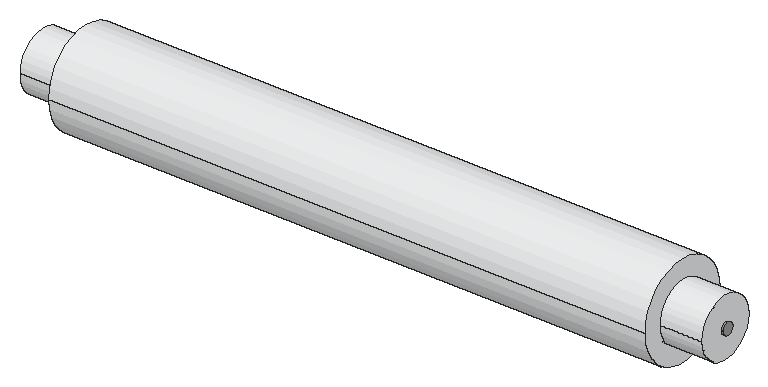
Revit family
Parameters (values of type "K101-164-12")
  URL = "http://viewer.zmags.com/publication/f01ae52f"
  Tube Radius = Tube Diameter / 2  # 50.8 mm
  Tube Diameter = 101.6 mm
  Tube = RAL 9016
  Thermal Performance = Thermal Performance Constant * Length / 1000 mm  # 216
  Offset = 75 mm
  Model = "K101-164-12"
  Max #1 Pole Breakers [instance] = 271
  Manufacturer = "Meinertz"
  Length = 1200 mm
  Keynote = "K101-164-12"
  Height = 150 mm
  GoGetNo = 6959  # constant formula
  Fins = yes
  Fin Radius = Fin Diameter / 2  # 82 mm
  Fin Pitch = RAL 9016 F
  Fin Offset = 0.6 mm
  Fin Diameter = 164 mm
  Thermal Performance Constant = if(Fin Diameter = 73 mm, 88, if(Fin Diameter = 83 mm, 104, if(Fin Diameter = 92 mm, 88, if(Fin Diameter = 98 mm, 82, if(Fin Diameter = 123 mm, 110, if(Fin Diameter = 139 mm, 133, 180))))))  # 180
Types (9, lengths in mm): name | Tube Radius | Tube Diameter | Thermal Performance | Model | Keynote | Fin Radius | Fin Offset | Fin Diameter | Thermal Performance Constant
  (no name) | 50.8 | 101.6 | 216 | "K101-164-12" | "K101-164-12" | 82 | 0.6 | 164 | 180
  K33-73-08 | 16.85 | 33.7 | 105.6 | "K33-73-08" | "K33-73-08" | 36.5 | 0.3 | 73 | 88
  K33-83-10 | 16.85 | 33.7 | 124.8 | "K33-83-10" | "K33-83-10" | 41.5 | 0.3 | 83 | 104
  K42-92-10 | 21.2 | 42.4 | 105.6 | "K42-92-10" | "K42-92-10" | 46 | 0.4 | 92 | 88
  K48-98-10 | 24.15 | 48.3 | 98.4 | "K48-98-10" | "K48-98-10" | 49 | 0.4 | 98 | 82
  K60-110-10 | 30.15 | 60.3 | 216 | "K60-110-10" | "K60-110-10" | 55 | 0.5 | 110 | 180
  K60-123-12 | 30.15 | 60.3 | 132 | "K60-123-12" | "K60-123-12" | 61.5 | 0.4 | 123 | 110
  K76-139-12 | 38.05 | 76.1 | 159.6 | "K76-139-12" | "K76-139-12" | 69.5 | 0.5 | 139 | 133
  K101-164-12 | 50.8 | 101.6 | 216 | "K101-164-12" | "K101-164-12" | 82 | 0.6 | 164 | 180
Reference planes
  plane 1 "Center (Front/Back)": y = 0
  plane 2: z = 0
  plane 3 "Center (Left/Right)": x = 0
  plane 4: x = -600
  plane 5: x = 600
  plane 6: z = 150
  plane 7: x = -525
  plane 8: x = 525
Forms (mm)
  Extrusion 1, solid, material "RAL 9016" <- "Tube"
    sketch origin (0, 0, 0) x (0, 1, 0) y (0, 0, 1)
      loop
        circle (0, 150) r 50.8
    from -600 to 600
  Extrusion 2, solid, material "RAL 9016 F" <- "Fin Pitch", visible <- "Fins"
    sketch origin (0, 0, 0) x (0, 1, 0) y (0, 0, 1)
      loop
        circle (0, 150) r 82
    from -525 to 525
  Extrusion 3, solid, material "Tap"
    sketch origin (-600, 0, 0) x (0, -1, 0) y (0, 0, 1)
      loop
        circle (0, 150) r 10
    from 0 to 5
  Extrusion 4, solid, material "Tap"
    sketch origin (600, 0, 0) x (0, 1, 0) y (0, 0, 1)
      loop
        circle (0, 150) r 10
    from 0 to 5
Dimensions and locks
  equal spacing: plane 4, plane 3 "Center (Left/Right)", plane 5
  "Length": plane 4 to plane 5
  "Offset": plane 4 to plane 7
  "Offset": plane 8 to plane 5
  "Height": plane 6 to plane 2
  equal spacing: Extrusion 3 sketch curve, plane 1 "Center (Front/Back)", Extrusion 3 sketch curve
  equal spacing: Extrusion 3 sketch curve, plane 6, Extrusion 3 sketch curve
  equal spacing: Extrusion 4 sketch curve, plane 1 "Center (Front/Back)", Extrusion 4 sketch curve
  equal spacing: Extrusion 4 sketch curve, plane 6, Extrusion 4 sketch curve
  "Tube Radius": radius of Extrusion 1 sketch curve
  "Fin Radius": radius of Extrusion 2 sketch curve
  aligned and locked: Extrusion 1 to plane 4
  aligned and locked: plane 5 to Extrusion 1
  aligned and locked: plane 8 to Extrusion 2
  aligned and locked: Extrusion 2 to plane 7
Automatic sketch dimensions
  Extrusion 1 sketch curve to plane 1 "Center (Front/Back)" = 0 mm
  Extrusion 1 sketch curve to plane 6 = 0 mm
  Extrusion 2 sketch curve to plane 1 "Center (Front/Back)" = 0 mm
  Extrusion 2 sketch curve to plane 6 = 0 mm
  radius of Extrusion 3 sketch curve = 10 mm
  radius of Extrusion 4 sketch curve = 10 mm
Connectors
  piping at (605, 0, 150)
    settings: on Extrusion 4, index 1, connector radius 10 mm, flow factor 0, pipe flow 0.0 L/s, pressure drop 0.0 Pa, fitting loss kfactor 0, connector angle 0.00°, fixture units 0, flow configuration 1, flow direction 2, fitting loss method 0, system type 22, connector reference index -1, connector utility 0, adjustable connector no, is connector primary yes, fitting loss table "", connector description ""
  piping at (-605, 0, 150)
    settings: on Extrusion 3, index 2, connector radius 10 mm, flow factor 0, pipe flow 0.0 L/s, pressure drop 0.0 Pa, fitting loss kfactor 0, connector angle 0.00°, fixture units 0, flow configuration 1, flow direction 1, fitting loss method 0, system type 22, connector reference index -1, connector utility 0, adjustable connector no, is connector primary no, fitting loss table "", connector description ""
